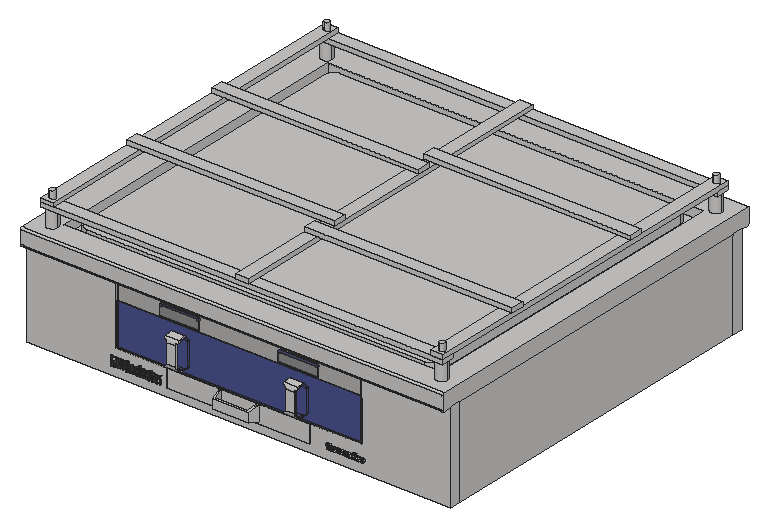
Revit family "QF_ELECTROLUXPROFESSIONAL_589871_MCLCACJODM", category Specialty Equipment, Revit 2014 (continued)
Definition of nested family "QF_ELECTROLUXPROFESSIONAL_MARINE1000x900_1"
  Dimensions and locks
    equal spacing: plane 5 "FRONT", plane 8, plane 1 "BACK"
    plane 6 "TOP" to level = 900 mm  (x2)
    plane 9 to level = 200 mm
    plane 1 "BACK" to plane 10 to plane 11 "Panel" = 150 mm, 705 mm  (x2)
    plane 6 "TOP" to plane 9 to level = 700 mm, 200 mm
    plane 1 "BACK" to plane 5 "FRONT" = 900 mm
    plane 12 to plane 9 = 598 mm
    plane 13 to plane 6 "TOP" = 75 mm
    plane 6 "TOP" to plane 12 = 102 mm
    plane 14 to plane 3 "LEFT" = 78 mm
    plane 15 to plane 4 "RIGHT" = 78 mm
    locked: plane 1 "BACK" to plane 16 at 150
    locked: plane 16 to plane 17 at 500
    plane 11 "Panel" to plane 5 "FRONT" = 45 mm
    plane 18 "EIx" to plane 4 "RIGHT" = 45 mm
    plane 19 "EIy" to plane 1 "BACK" = 685 mm
    locked: plane 11 "Panel" to plane 20 at 25
    aligned and locked: level to plane 2
  Automatic sketch dimensions
    plane 1 "BACK" to curve 1 = 0 mm
    curve 1 to plane 4 "RIGHT" = 0 mm
    curve 3 to plane 3 "LEFT" = 0 mm
    plane 5 "FRONT" to curve 3 = 0 mm
    Extrusion 1 sketch curve to plane 11 "Panel" = 0 mm  (x2)
    Extrusion 1 sketch curve to plane 20 = 10 mm
    plane 11 "Panel" to Extrusion 1 sketch curve = 15 mm
    Extrusion 1 sketch curve to plane 18 "EIx" = 20 mm  (x2)
    plane 1 "BACK" to Extrusion 1 sketch curve = 60 mm
    Extrusion 1 sketch curve to Extrusion 1 sketch curve = 15 mm  (x5)
    Extrusion 1 sketch curve to plane 18 "EIx" = 5 mm  (x2)
    plane 14 to Extrusion 1 sketch curve = 38 mm  (x2)
    Extrusion 2 sketch curve to plane 11 "Panel" = 0 mm  (x2)
    Extrusion 2 sketch curve to plane 20 = 10 mm  (x3)
    Extrusion 2 sketch curve to plane 18 "EIx" = 5 mm  (x2)
    plane 1 "BACK" to Extrusion 2 sketch curve = 45 mm  (x2)
    plane 1 "BACK" to Extrusion 2 sketch curve = 30 mm
    Extrusion 2 sketch curve to Extrusion 2 sketch curve = 15 mm  (x5)
    Extrusion 2 sketch curve to plane 18 "EIx" = 20 mm
    plane 18 "EIx" to Extrusion 2 sketch curve = 10 mm
    plane 7 "Center (Left/Right)" to Extrusion 2 sketch curve = 15 mm
    Extrusion 2 sketch curve to plane 7 "Center (Left/Right)" = 15 mm
    plane 14 to Extrusion 2 sketch curve = 23 mm
    plane 17 to Extrusion 3 sketch curve = 16 mm
    Extrusion 3 sketch curve to plane 17 = 14 mm
    Extrusion 3 sketch curve to plane 17 = 34 mm
    Extrusion 3 sketch curve to Extrusion 3 sketch curve = 30 mm  (x3)
    plane 3 "LEFT" to Extrusion 3 sketch curve = 25 mm  (x2)
    plane 8 to Extrusion 3 sketch curve = 84 mm
    Extrusion 3 sketch curve to plane 7 "Center (Left/Right)" = 15 mm  (x2)
    Extrusion 3 sketch curve to Extrusion 3 sketch curve = 20 mm
    plane 7 "Center (Left/Right)" to Extrusion 3 sketch curve = 15 mm  (x2)
    Extrusion 3 sketch curve to plane 18 "EIx" = 20 mm  (x2)
    Extrusion 4 sketch curve to plane 11 "Panel" = 0 mm  (x2)
    Extrusion 4 sketch curve to plane 18 "EIx" = 5 mm  (x2)
    plane 14 to Extrusion 4 sketch curve = 38 mm  (x2)
    plane 1 "BACK" to Extrusion 4 sketch curve = 45 mm  (x2)
    Extrusion 5 sketch curve to plane 11 "Panel" = 0 mm  (x2)
    Extrusion 5 sketch curve to plane 18 "EIx" = 5 mm  (x2)
    plane 1 "BACK" to Extrusion 5 sketch curve = 45 mm  (x2)
    plane 14 to Extrusion 5 sketch curve = 38 mm  (x2)
    curve 11 to plane 18 "EIx" = 20 mm
    plane 18 "EIx" to curve 9 = 10 mm
    plane 18 "EIx" to curve 35 = 10 mm
    curve 28 to plane 20 = 10 mm
    plane 14 to curve 28 = 23 mm
    plane 14 to curve 27 = 23 mm
    plane 3 "LEFT" to curve 7 = 25 mm
    plane 1 "BACK" to curve 27 = 30 mm
    plane 18 "EIx" to curve 36 = 10 mm
    plane 7 "Center (Left/Right)" to curve 23 = 15 mm
    plane 7 "Center (Left/Right)" to curve 26 = 15 mm
    curve 18 to plane 7 "Center (Left/Right)" = 15 mm
    curve 19 to plane 7 "Center (Left/Right)" = 15 mm
    curve 24 to plane 7 "Center (Left/Right)" = 15 mm
    plane 14 to curve 33 = 23 mm
    plane 8 to curve 8 = 114 mm
    curve 13 to curve 14 = 30 mm
    curve 33 to plane 17 = 64 mm
    curve 19 to plane 17 = 14 mm
    plane 11 "Panel" to curve 30 = 15 mm
    plane 11 "Panel" to curve 29 = 15 mm
    curve 12 to plane 10 = 136 mm
    curve 31 to curve 32 = 0 mm
    curve 22 to curve 19 = 20 mm
    plane 7 "Center (Left/Right)" to curve 21 = 15 mm
    plane 17 to curve 21 = 16 mm
    curve 23 to curve 13 = 20 mm
    curve 9 to curve 32 = 30 mm
    radius of Extrusion 1 sketch curve = 6.5 mm  (x4)
    radius of Extrusion 2 sketch curve = 6.5 mm  (x4)
    radius of Extrusion 4 sketch curve = 13 mm  (x4)
    radius of Extrusion 5 sketch curve = 6.5 mm  (x4)
Definition of nested family "Front_Panel_W1000_2 Knobs"
  Reference planes
    plane 1 "Center (Front/Back)": y = 0
    plane 2: z = 0
    plane 3 "Center (Left/Right)": x = 297.624
    plane 4 "Left": x = -202.376
    plane 5 "Right": x = 797.624
    plane 6: y = -45
    plane 7: x = 157.624
    plane 8: y = -25
    plane 9: x = -2.376
    plane 10: x = 437.624
    plane 11: x = 594.715
  Forms (mm)
    Extrusion 1, solid, material "QF_Finishes_Stainless Steel"
      sketch origin (833.217, 829.203, -1.25) x (0, 1, 0) y (0, 0, 1)
        loop
          line (-854.203, 651.25) -> (-829.203, 651.25) -> (-829.203, 864.25) -> (-854.203, 864.25) -> (-854.203, 651.25)
      from -1035.593 to -35.593
    Extrusion 2, void
      sketch origin (0, 0, 0) x (1, 0, 0) y (0, 0, 1)
        loop
          line (7.624, 853.866) -> (7.624, 711.866) -> (587.624, 711.866) -> (587.624, 853.866) -> (7.624, 853.866)
      from 19.387 to 33.951
  Cuts and joins
    Extrusion 2 cuts Extrusion 1
  Dimensions and locks
    equal spacing: plane 5 "Right", plane 3 "Center (Left/Right)", plane 4 "Left"
    plane 5 "Right" to plane 4 "Left" = 1000 mm
    plane 3 "Center (Left/Right)" to plane 7 = 140 mm
    plane 10 to plane 3 "Center (Left/Right)" = 140 mm
    aligned and locked: cut or joined group of Extrusion 1, Extrusion 2 to plane 4 "Left"
    aligned and locked: plane 5 "Right" to cut or joined group of Extrusion 1, Extrusion 2
    aligned and locked: plane 3 "Center (Left/Right)" to nested 2
    aligned and locked: cut or joined group of Extrusion 1, Extrusion 2 to nested 2
  Automatic sketch dimensions
    Extrusion 1 sketch curve to plane 1 "Center (Front/Back)" = 0 mm
    level to Extrusion 1 sketch curve = 650 mm
    plane 4 "Left" to Extrusion 2 sketch curve = 210 mm
    Extrusion 2 sketch curve to plane 5 "Right" = 210 mm
    level to Extrusion 2 sketch curve = 711.866 mm
    Extrusion 2 sketch curve to Extrusion 2 sketch curve = 142 mm
    Extrusion 1 sketch curve to plane 6 = 20 mm
    Extrusion 1 sketch curve to Extrusion 1 sketch curve = 213 mm
  Nested families
    nested 1: "Range Control Handle" at (157.624, -28.137, -209.113) x (-1, 0, 0) z (0, 0, 1), type "Range Control Handle"
    nested 2: "Front glass control panel W1000_2 Knobs" at (297.624, 280.644, 2.752), type "Front glass control panel W1000_2 Knobs"
    nested 3: "Range Control Handle" at (437.624, -28.137, -209.113), type "Range Control Handle"
    nested 4: "ELX_ThermaLine_Small" at (546.122, -25, 679.426) x (1, 0, 0) z (0, -1, 0), type "ELX_ThermaLine_Small"
      with Show Logo yes, Material_Logo QF_Finishes_Black
    nested 5: "ELX_Professional_Logo_Small" at (57.11, -25, 681.659) x (1, 0, 0) z (0, -1, 0), type "ELX_Professional_Logo_Small"
      with Show Logo yes, Material_Logo QF_Finishes_Black
  Definition of nested family "Range Control Handle"
    Reference planes
      plane 1 "Center (Front/Back)": y = 0
      plane 2: z = 0
      plane 3 "Center (Left/Right)": x = 0
      plane 4: z = 971.092
      plane 5: y = -16.9
    Forms (mm)
      Extrusion 1, solid, material "QF_Finishes_Electrolux Cyan"
        sketch origin (-746.28, 380.497, 208.931) x (-1, 0, 0) y (0, 0, 1)
          loop
            line (-770.101, 786.798) -> (-770.101, 731.649)
            arc (-770.101, 731.649) -> (-769.759, 730.563) -> (-768.855, 729.87) r 1.893
            line (-768.855, 729.87) -> (-763.474, 727.911) -> (-729.81, 727.911) -> (-724.428, 729.87)
            arc (-724.428, 729.87) -> (-723.525, 730.563) -> (-723.183, 731.649) r 1.893
            line (-723.183, 731.649) -> (-723.183, 786.798)
            arc (-723.183, 786.798) -> (-723.529, 787.894) -> (-724.44, 788.593) r 1.91
            line (-724.44, 788.593) -> (-729.683, 790.819) -> (-763.601, 790.819) -> (-768.844, 788.593)
            arc (-768.844, 788.593) -> (-769.755, 787.894) -> (-770.101, 786.798) r 1.91
        from -382.35 to -378.852
      Sweep 2, solid, material "QF_Finishes_Electrolux Cyan"
        path origin (-746.788, 380.496, 208.091) x (0, -1, 0) y (0, 0, 1)
          loop
            line (379.775, 793.281) -> (395.661, 791.048)
            arc (395.661, 791.048) -> (397.781, 787.377) -> (398.517, 783.202) r 12.207
            line (398.517, 783.202) -> (398.517, 737.368)
            arc (398.517, 737.368) -> (397.781, 733.193) -> (395.661, 729.522) r 12.207
            line (395.661, 729.522) -> (379.775, 727.289)
        profile origin (-746.788, -7.222, 1000.256) x (0, -0.139173, 0.990268) y (-1, 0, 0)
          loop
            line (0.782, -763.123) -> (0.782, -730.907) -> (-1.322, -730.907) -> (-1.322, -763.123) -> (0.782, -763.123)
      Sweep 3, solid, material "QF_Finishes_Stainless Steel"
        path origin (-746.788, 380.715, 207.832) x (0, -1, 0) y (0, 0, 1)
          loop
            line (380.478, 795.442) -> (397.218, 793.09)
            arc (397.218, 793.09) -> (399.929, 788.473) -> (400.871, 783.202) r 15.207
            line (400.871, 783.202) -> (400.871, 737.584)
            arc (400.871, 737.584) -> (399.914, 732.274) -> (397.164, 727.633) r 15.207
            line (397.164, 727.633) -> (380.601, 725.305)
        profile origin (-746.788, -8.132, 1002.099) x (0, -0.139173, 0.990268) y (-1, 0, 0)
          loop
            line (0.782, -763.123) -> (0.782, -730.907) -> (-1.322, -730.907) -> (-1.322, -763.123) -> (0.782, -763.123)
      Extrusion 4, void
        sketch origin (889.253, 220.666, 207.993) x (1, 0, 0) y (0, 0, 1)
          loop
            line (-943.038, 816.854) -> (-943.038, 703.686) -> (-899.466, 734.196) -> (-899.466, 786.344) -> (-943.038, 816.854)
        from 230.636 to 242.25
      Extrusion 5, void
        sketch origin (-888.8, 220.666, 207.993) x (-1, 0, 0) y (0, 0, -1)
          loop
            line (-943.038, -816.854) -> (-899.466, -786.344) -> (-899.466, -734.196) -> (-943.038, -703.686) -> (-943.038, -816.854)
        from 230.636 to 242.25
      Extrusion 6, solid, material "QF_Finishes_Electrolux Cyan"
        sketch origin (0, 0, 0) x (1, 0, 0) y (0, 0, 1)
          loop
            circle (0, 971.092) r 7.736
        from -3.137 to -1.645
    Cuts and joins
      Extrusion 4, Extrusion 5 cuts Sweep 3
      Extrusion 4, Extrusion 5 cuts Sweep 2
      joined: Extrusion 1, Extrusion 6
    Lines and regions (mm)
      symbolic lines
        curve 1: line (16.334, -16.9, 0) -> (16.334, -19.227, 0)
        curve 2: spline (16.334, -19.227, 0) -> (15.87, -19.385, 0) -> (15.404, -19.536, 0) -> (14.936, -19.678, 0) -> (14.466, -19.813, 0) -> (13.995, -19.94, 0) -> (13.523, -20.059, 0) -> (13.049, -20.171, 0) -> (12.575, -20.274, 0) -> (12.099, -20.37, 0) -> (11.622, -20.458, 0) -> (11.144, -20.537, 0) -> (10.666, -20.609, 0)
        curve 3: line (10.666, -16.9, 0) -> (10.666, -20.938, 0)
        curve 4: line (-10.213, -20.938, 0) -> (10.666, -20.938, 0)
        curve 5: line (-10.213, -20.938, 0) -> (-10.213, -16.9, 0)
        curve 6: spline (-10.213, -20.609, 0) -> (-10.691, -20.537, 0) -> (-11.169, -20.458, 0) -> (-11.646, -20.37, 0) -> (-12.122, -20.274, 0) -> (-12.597, -20.171, 0) -> (-13.07, -20.059, 0) -> (-13.542, -19.94, 0) -> (-14.013, -19.813, 0) -> (-14.483, -19.678, 0) -> (-14.951, -19.536, 0) -> (-15.417, -19.385, 0) -> (-15.881, -19.227, 0)
        curve 7: line (-15.881, -19.227, 0) -> (-15.881, -16.9, 0)
  Definition of nested family "Front glass control panel W1000_2 Knobs"
    Reference planes
      plane 1 "Center (Front/Back)": y = 0
      plane 2: z = 0
      plane 3 "Center (Left/Right)": x = 0
      plane 4: x = -140
      plane 5: x = 140
    Forms (mm)
      Extrusion 1, solid, material "QF_Finishes_Electrolux Cyan"
        sketch origin (378.286, 0, 0.617) x (1, 0, 0) y (0, 0, 1)
          loop
            line (-668.286, 806.791) -> (-668.286, 708.497) -> (-88.286, 708.497) -> (-88.286, 806.791) -> (-668.286, 806.791)
        from 300.031 to 304.8
      Extrusion 2, solid, material "QF_Finishes_Electrolux_Black"
        sketch origin (378.286, 0, 0.617) x (1, 0, 0) y (0, 0, 1)
          loop
            line (-668.286, 850.497) -> (-668.286, 806.791) -> (-88.286, 806.791) -> (-88.286, 850.497) -> (-668.286, 850.497)
        from 300.031 to 304.8
      Extrusion 3, void
        sketch origin (378.286, 0, 0.617) x (1, 0, 0) y (0, 0, 1)
          loop
            line (-665.628, 847.565) -> (-665.628, 710.699) -> (-91.196, 710.699) -> (-91.196, 847.565) -> (-665.628, 847.565)
        from 303.697 to 304.8
      Extrusion 4, solid, material "QF_Finishes_Electrolux_Black Smoke Iluminated"
        sketch origin (-448.309, 1.101, -0.633) x (-1, 0, 0) y (0, 0, -1)
          loop
            line (-261.431, -812.62) -> (-355.186, -812.62) -> (-355.186, -834.177) -> (-350.269, -834.177) -> (-348.469, -835.977) -> (-268.039, -835.977) -> (-266.24, -834.177) -> (-261.431, -834.177) -> (-261.431, -812.62)
        from 304.798 to 306.745
      Extrusion 5, solid, material "QF_Finishes_Electrolux_Royal Blue Illuminated"
        sketch origin (-448.309, 1.101, -0.633) x (-1, 0, 0) y (0, 0, -1)
          loop
            line (-350.269, -834.177) -> (-355.078, -834.177)
            arc (-355.078, -834.177) -> (-353.942, -838.747) -> (-349.686, -840.763) r 5.5
            line (-349.686, -840.763) -> (-266.98, -840.763)
            arc (-266.98, -840.763) -> (-262.706, -838.752) -> (-261.529, -834.177) r 5.549
            line (-261.529, -834.177) -> (-266.24, -834.177) -> (-268.039, -835.977) -> (-348.469, -835.977) -> (-350.269, -834.177)
        from 304.798 to 306.745
      Extrusion 6, solid, material "QF_Finishes_Electrolux_Black Smoke Iluminated"
        sketch origin (448.333, 1.101, -0.633) x (1, 0, 0) y (0, 0, 1)
          loop
            line (-261.431, 812.62) -> (-261.431, 834.177) -> (-266.24, 834.177) -> (-268.039, 835.977) -> (-348.469, 835.977) -> (-350.269, 834.177) -> (-355.186, 834.177) -> (-355.186, 812.62) -> (-261.431, 812.62)
        from 304.798 to 306.745
      Extrusion 7, solid, material "QF_Finishes_Electrolux_Royal Blue Illuminated"
        sketch origin (448.333, 1.101, -0.633) x (1, 0, 0) y (0, 0, 1)
          loop
            line (-350.269, 834.177) -> (-348.469, 835.977) -> (-268.039, 835.977) -> (-266.24, 834.177) -> (-261.529, 834.177)
            arc (-261.529, 834.177) -> (-262.706, 838.752) -> (-266.98, 840.763) r 5.549
            line (-266.98, 840.763) -> (-349.686, 840.763)
            arc (-349.686, 840.763) -> (-353.942, 838.747) -> (-355.078, 834.177) r 5.5
            line (-355.078, 834.177) -> (-350.269, 834.177)
        from 304.798 to 306.745
    Cuts and joins
      Extrusion 3 cuts Extrusion 1
      Extrusion 3 cuts Extrusion 2
    Dimensions and locks
      plane 3 "Center (Left/Right)" to plane 4 = 140 mm
      plane 5 to plane 3 "Center (Left/Right)" = 140 mm
      aligned and locked: Extrusion 1 to Extrusion 2
      aligned and locked: Extrusion 5 sketch curve to Extrusion 4  (x5)
      aligned and locked: Extrusion 5 to Extrusion 4
      aligned and locked: Extrusion 7 sketch curve to Extrusion 6  (x4)
      aligned and locked: Extrusion 6 to Extrusion 7 sketch curve
      aligned and locked: Extrusion 7 to Extrusion 6
  Definition of nested family "ELX_ThermaLine_Small"
    Parameters (values of type "ELX_ThermaLine_Small")
      Show Logo [instance] = yes
      Material_Logo [instance] = QF_Finishes_Black
      Default Elevation = 0 mm
    Reference planes
      plane 1 "Centro (Fronte/Retro)": y = 0
      plane 2: z = 0
      plane 3 "Centro (Sinistra/Destra)": x = 0
    Forms (mm)
      Extrusion 1, solid
        sketch origin (0, 0, 0) x (1, 0, 0) y (0, 1, 0)
          loop
            line (-1219.2, 1219.2) -> (-1219.2, -1219.2) -> (1219.2, -1219.2) -> (1219.2, 1219.2) -> (-1219.2, 1219.2)
        from 0 to -304.8
      Extrusion 2, solid, material "QF_Finishes_White"
        sketch origin (0, 0, 0) x (1, 0, 0) y (0, 1, 0)
          loop
            line (-37.494, 1.229) -> (-35.908, 1.229) -> (-35.908, 3.066) -> (-37.494, 3.066) -> (-37.494, 6.221) -> (-39.867, 4.881) -> (-39.867, 3.066) -> (-40.969, 3.066) -> (-40.969, 1.229) -> (-39.867, 1.229) -> (-39.867, -3.407)
            arc (-39.867, -3.407) -> (-38.982, -5.513) -> (-36.751, -6.001) r 2.478
            line (-36.751, -6.001) -> (-35.638, -5.7) -> (-35.9, -3.835) -> (-36.661, -4.039)
            arc (-36.661, -4.039) -> (-37.236, -3.924) -> (-37.494, -3.399) r 0.662
            line (-37.494, -3.399) -> (-37.494, 1.229)
          loop
            line (-34.242, 6.539) -> (-34.242, -5.848) -> (-31.854, -5.848) -> (-31.854, -0.078)
            arc (-31.854, -0.078) -> (-30.939, 1.249) -> (-29.33, 1.367) r 1.866
            arc (-29.33, 1.367) -> (-28.695, 0.768) -> (-28.461, -0.073) r 1.627
            line (-28.461, -0.073) -> (-28.461, -5.848) -> (-26.086, -5.848) -> (-26.064, -0.46)
            arc (-26.064, -0.46) -> (-26.261, 0.932) -> (-26.786, 2.237) r 5.825
            arc (-26.786, 2.237) -> (-29.381, 3.264) -> (-31.854, 1.971) r 3.353
            line (-31.854, 1.971) -> (-31.854, 6.539) -> (-34.242, 6.539)
          loop
            arc (-18.398, -0.598) -> (-18.893, 0.879) -> (-20.326, 1.487) r 1.897
            arc (-20.326, 1.487) -> (-21.461, 0.708) -> (-21.897, -0.598) r 2.164
            line (-21.897, -0.598) -> (-18.398, -0.598)
          loop
            arc (-16.021, -2.044) -> (-16.754, 1.227) -> (-19.444, 3.226) r 4.814
            arc (-19.444, 3.226) -> (-22.137, 2.788) -> (-23.943, 0.743) r 4.054
            arc (-23.943, 0.743) -> (-24.382, -1.249) -> (-24.162, -3.276) r 6.289
            arc (-24.162, -3.276) -> (-23.302, -4.71) -> (-21.958, -5.705) r 4.28
            arc (-21.958, -5.705) -> (-18.558, -5.814) -> (-16.152, -3.409) r 4.28
            line (-16.152, -3.409) -> (-18.5, -2.995)
            arc (-18.5, -2.995) -> (-19.273, -3.994) -> (-20.533, -4.076) r 1.536
            arc (-20.533, -4.076) -> (-21.56, -3.281) -> (-21.958, -2.044) r 2.197
            line (-21.958, -2.044) -> (-16.021, -2.044)
          loop
            line (-14.165, -5.848) -> (-11.819, -5.848) -> (-11.819, -2.138)
            arc (-11.819, -2.138) -> (-11.787, -1.156) -> (-11.637, -0.185) r 8.18
            arc (-11.637, -0.185) -> (-10.644, 0.972) -> (-9.132, 0.776) r 1.603
            line (-9.132, 0.776) -> (-8.419, 2.846)
            arc (-8.419, 2.846) -> (-10.432, 3.118) -> (-11.994, 1.821) r 2.527
            line (-11.994, 1.821) -> (-11.994, 3.094) -> (-14.165, 3.094) -> (-14.165, -5.848)
          loop
            line (-7.579, 3.094) -> (-7.579, -5.848) -> (-5.178, -5.848) -> (-5.178, -0.756)
            arc (-5.178, -0.756) -> (-4.727, 0.679) -> (-3.417, 1.419) r 2.05
            arc (-3.417, 1.419) -> (-2.499, 0.908) -> (-2.155, -0.085) r 1.471
            line (-2.155, -0.085) -> (-2.155, -5.848) -> (0.23, -5.848) -> (0.23, -1.001)
            arc (0.23, -1.001) -> (0.47, 0.127) -> (1.148, 1.061) r 2.775
            arc (1.148, 1.061) -> (2.225, 1.329) -> (3.05, 0.587) r 1.182
            arc (3.05, 0.587) -> (3.199, -0.019) -> (3.214, -0.642) r 2.894
            line (3.214, -0.642) -> (3.214, -5.848) -> (5.601, -5.848) -> (5.601, 0.261)
            arc (5.601, 0.261) -> (4.87, 2.263) -> (2.976, 3.241) r 2.932
            arc (2.976, 3.241) -> (1.284, 2.973) -> (-0.047, 1.896) r 3.309
            arc (-0.047, 1.896) -> (-1.116, 2.865) -> (-2.506, 3.258) r 3.16
            arc (-2.506, 3.258) -> (-4.105, 2.942) -> (-5.376, 1.92) r 3.419
            line (-5.376, 1.92) -> (-5.376, 3.094) -> (-7.579, 3.094)
          loop
            line (7.583, 0.738) -> (9.702, 0.364)
            arc (9.702, 0.364) -> (11.441, 1.492) -> (12.855, -0.023) r 1.613
            line (12.855, -0.023) -> (9.782, -0.789)
            arc (9.782, -0.789) -> (8.559, -1.346) -> (7.617, -2.305) r 3.687
            arc (7.617, -2.305) -> (7.499, -3.681) -> (7.901, -5.003) r 3.651
            arc (7.901, -5.003) -> (9.107, -5.766) -> (10.515, -6.006) r 3.635
            arc (10.515, -6.006) -> (11.898, -5.697) -> (13.067, -4.895) r 3.734
            line (13.067, -4.895) -> (13.376, -5.848) -> (15.75, -5.848) -> (15.212, -4.193) -> (15.212, 0.38)
            arc (15.212, 0.38) -> (14.897, 1.849) -> (13.818, 2.895) r 2.585
            arc (13.818, 2.895) -> (11.792, 3.442) -> (9.719, 3.11) r 5.005
            arc (9.719, 3.11) -> (8.369, 2.178) -> (7.583, 0.738) r 3.54
          loop
            line (19.723, -5.848) -> (22.233, -5.848) -> (24.854, 6.484) -> (22.345, 6.484) -> (19.723, -5.848)
          loop
            line (24.583, -5.848) -> (26.953, -5.848) -> (28.848, 3.066) -> (26.478, 3.066) -> (24.583, -5.848)
          loop
            line (27.204, 6.484) -> (26.741, 4.305) -> (29.111, 4.305) -> (29.575, 6.484) -> (27.204, 6.484)
          loop
            line (29.355, -5.848) -> (31.849, -5.848) -> (33.098, 0.028)
            arc (33.098, 0.028) -> (34.169, 1.306) -> (35.832, 1.422) r 2.132
            arc (35.832, 1.422) -> (36.324, 0.752) -> (36.383, -0.078) r 1.5
            line (36.383, -0.078) -> (35.157, -5.848) -> (37.536, -5.848) -> (38.936, 0.738)
            arc (38.936, 0.738) -> (38.775, 2.091) -> (37.825, 3.066) r 2.118
            arc (37.825, 3.066) -> (35.392, 3.175) -> (33.295, 1.937) r 4.271
            line (33.295, 1.937) -> (33.535, 3.066) -> (31.25, 3.066) -> (29.355, -5.848)
          loop
            line (42.792, -0.64) -> (46.589, -0.64)
            arc (46.589, -0.64) -> (46.639, 0.124) -> (46.327, 0.823) r 1.589
            arc (46.327, 0.823) -> (45.117, 1.521) -> (43.762, 1.183) r 1.865
            arc (43.762, 1.183) -> (43.141, 0.344) -> (42.792, -0.64) r 3.538
          loop
            line (42.565, -2.138) -> (48.593, -2.138)
            arc (48.593, -2.138) -> (48.58, 0.597) -> (46.983, 2.818) r 4.494
            arc (46.983, 2.818) -> (44.191, 3.28) -> (41.725, 1.891) r 4.26
            arc (41.725, 1.891) -> (40.503, -0.3) -> (40.284, -2.799) r 6.003
            arc (40.284, -2.799) -> (40.959, -4.468) -> (42.377, -5.576) r 3.482
            arc (42.377, -5.576) -> (44.265, -5.961) -> (46.152, -5.576) r 4.823
            arc (46.152, -5.576) -> (47.432, -4.731) -> (48.328, -3.485) r 4.245
            line (48.328, -3.485) -> (46.168, -3.105)
            arc (46.168, -3.105) -> (45.214, -4.072) -> (43.859, -4.181) r 1.953
            arc (43.859, -4.181) -> (42.821, -3.408) -> (42.565, -2.138) r 1.81
          loop
            line (12.868, -1.553) -> (10.216, -2.214)
            arc (10.216, -2.214) -> (9.747, -3.136) -> (10.216, -4.058) r 1.14
            arc (10.216, -4.058) -> (11.537, -4.249) -> (12.614, -3.46) r 1.763
            arc (12.614, -3.46) -> (12.858, -2.522) -> (12.868, -1.553) r 3.97
        from 0 to 1.6
    Dimensions and locks
      aligned and locked: plane 2 to Extrusion 1
      aligned and locked: level to Extrusion 1
  Definition of nested family "ELX_Professional_Logo_Small"
    Parameters (values of type "ELX_Professional_Logo_Small")
      Show Logo [instance] = yes
      Material_Logo [instance] = QF_Finishes_Black
      Default Elevation = 0 mm
    Reference planes
      plane 1 "Centro (Fronte/Retro)": y = 0
      plane 2: z = 0
      plane 3 "Centro (Sinistra/Destra)": x = 0
    Forms (mm)
      Extrusion 1, solid
        sketch origin (0, 0, 0) x (1, 0, 0) y (0, 1, 0)
          loop
            line (-1219.2, 1219.2) -> (-1219.2, -1219.2) -> (1219.2, -1219.2) -> (1219.2, 1219.2) -> (-1219.2, 1219.2)
        from 0 to -304.8
      Extrusion 2, solid, material "QF_Finishes_Black" <- "Material_Logo"
        sketch origin (15.5, 0, 0) x (1, 0, 0) y (0, 1, 0)
          loop
            spline (-42.99, -1.24) -> (-43.195, -1.231) -> (-43.415, -1.203) -> (-43.642, -1.152) -> (-43.87, -1.074) -> (-44.095, -0.966) -> (-44.309, -0.825) -> (-44.506, -0.647) -> (-44.681, -0.429) -> (-44.828, -0.167) -> (-44.94, 0.142) -> (-45.011, 0.501) -> (-45.037, 0.915)
            line (-45.037, 0.915) -> (-45.037, 2.748) -> (-38.984, 2.748) -> (-38.984, 5.086) -> (-45.038, 5.086) -> (-45.038, 8.489) -> (-38.599, 8.489) -> (-38.599, 10.82) -> (-47.515, 10.82) -> (-47.515, 1.021)
            spline (-47.515, 1.021) -> (-47.493, 0.418) -> (-47.425, -0.15) -> (-47.311, -0.682) -> (-47.15, -1.175) -> (-46.939, -1.628) -> (-46.678, -2.038) -> (-46.365, -2.404) -> (-46, -2.723) -> (-45.58, -2.995) -> (-45.105, -3.216) -> (-44.573, -3.385) -> (-43.983, -3.499)
            line (-43.983, -3.499) -> (-43.01, -3.569) -> (-38.426, -3.569) -> (-38.426, -1.24) -> (-42.99, -1.24)
          loop
            line (-36.666, 4.021) -> (-36.666, -3.573) -> (-34.188, -3.573) -> (-34.188, 10.824) -> (-36.666, 10.824) -> (-36.666, 4.021)
          loop
            spline (-21.915, 1.897) -> (-21.957, 2.615) -> (-22.082, 3.303) -> (-22.285, 3.955) -> (-22.563, 4.564) -> (-22.913, 5.124) -> (-23.331, 5.629) -> (-23.814, 6.074) -> (-24.359, 6.451) -> (-24.961, 6.755) -> (-25.618, 6.98) -> (-26.326, 7.119) -> (-27.081, 7.167)
            spline (-27.081, 7.167) -> (-27.853, 7.122) -> (-28.586, 6.99) -> (-29.275, 6.774) -> (-29.915, 6.478) -> (-30.5, 6.104) -> (-31.024, 5.657) -> (-31.483, 5.138) -> (-31.871, 4.553) -> (-32.182, 3.904) -> (-32.411, 3.194) -> (-32.552, 2.427) -> (-32.6, 1.606)
            spline (-32.6, 1.606) -> (-32.553, 0.805) -> (-32.416, 0.057) -> (-32.193, -0.637) -> (-31.887, -1.271) -> (-31.504, -1.843) -> (-31.048, -2.35) -> (-30.523, -2.788) -> (-29.934, -3.154) -> (-29.284, -3.444) -> (-28.579, -3.656) -> (-27.822, -3.785) -> (-27.019, -3.829)
            spline (-27.019, -3.829) -> (-26.627, -3.82) -> (-26.239, -3.79) -> (-25.856, -3.739) -> (-25.477, -3.663) -> (-25.103, -3.562) -> (-24.734, -3.432) -> (-24.369, -3.273) -> (-24.01, -3.082) -> (-23.655, -2.858) -> (-23.305, -2.597) -> (-22.96, -2.299) -> (-22.621, -1.962)
            line (-22.621, -1.962) -> (-24.114, -0.509)
            spline (-24.114, -0.509) -> (-24.311, -0.699) -> (-24.509, -0.872) -> (-24.71, -1.03) -> (-24.915, -1.172) -> (-25.126, -1.297) -> (-25.346, -1.407) -> (-25.576, -1.5) -> (-25.817, -1.576) -> (-26.072, -1.636) -> (-26.342, -1.678) -> (-26.629, -1.704) -> (-26.936, -1.713)
            spline (-26.936, -1.713) -> (-27.384, -1.691) -> (-27.805, -1.625) -> (-28.196, -1.518) -> (-28.556, -1.372) -> (-28.882, -1.187) -> (-29.174, -0.966) -> (-29.429, -0.71) -> (-29.645, -0.422) -> (-29.821, -0.102) -> (-29.955, 0.247) -> (-30.045, 0.623) -> (-30.089, 1.026)
            line (-30.089, 1.026) -> (-21.956, 1.026) -> (-21.915, 1.897)
          loop
            spline (-24.446, 2.769) -> (-24.47, 3.075) -> (-24.54, 3.37) -> (-24.654, 3.65) -> (-24.807, 3.913) -> (-24.996, 4.156) -> (-25.219, 4.376) -> (-25.472, 4.57) -> (-25.753, 4.736) -> (-26.057, 4.869) -> (-26.382, 4.968) -> (-26.724, 5.03) -> (-27.081, 5.051)
            spline (-27.081, 5.051) -> (-27.464, 5.03) -> (-27.832, 4.97) -> (-28.183, 4.872) -> (-28.513, 4.74) -> (-28.819, 4.577) -> (-29.099, 4.384) -> (-29.347, 4.165) -> (-29.563, 3.923) -> (-29.742, 3.659) -> (-29.881, 3.377) -> (-29.977, 3.079) -> (-30.027, 2.769)
            line (-30.027, 2.769) -> (-24.446, 2.769)
          loop
            spline (-18.167, 1.669) -> (-18.138, 2.13) -> (-18.055, 2.567) -> (-17.921, 2.978) -> (-17.739, 3.358) -> (-17.512, 3.705) -> (-17.243, 4.016) -> (-16.937, 4.287) -> (-16.596, 4.517) -> (-16.223, 4.7) -> (-15.823, 4.835) -> (-15.398, 4.919) -> (-14.951, 4.947)
            spline (-14.951, 4.947) -> (-14.677, 4.938) -> (-14.414, 4.913) -> (-14.162, 4.871) -> (-13.921, 4.812) -> (-13.69, 4.738) -> (-13.467, 4.649) -> (-13.254, 4.544) -> (-13.048, 4.424) -> (-12.85, 4.291) -> (-12.659, 4.143) -> (-12.474, 3.981) -> (-12.295, 3.806)
            line (-12.295, 3.806) -> (-10.76, 5.403)
            spline (-10.76, 5.403) -> (-11.065, 5.709) -> (-11.38, 5.984) -> (-11.703, 6.228) -> (-12.035, 6.443) -> (-12.375, 6.63) -> (-12.723, 6.788) -> (-13.078, 6.92) -> (-13.44, 7.026) -> (-13.809, 7.107) -> (-14.184, 7.164) -> (-14.564, 7.198) -> (-14.951, 7.209)
            spline (-14.951, 7.209) -> (-15.725, 7.161) -> (-16.467, 7.02) -> (-17.169, 6.792) -> (-17.826, 6.482) -> (-18.43, 6.096) -> (-18.976, 5.637) -> (-19.455, 5.112) -> (-19.862, 4.525) -> (-20.19, 3.882) -> (-20.433, 3.189) -> (-20.584, 2.449) -> (-20.635, 1.669)
            spline (-20.635, 1.669) -> (-20.584, 0.889) -> (-20.433, 0.149) -> (-20.19, -0.545) -> (-19.862, -1.187) -> (-19.455, -1.774) -> (-18.976, -2.299) -> (-18.43, -2.758) -> (-17.826, -3.145) -> (-17.169, -3.454) -> (-16.467, -3.682) -> (-15.725, -3.823) -> (-14.951, -3.871)
            spline (-14.951, -3.871) -> (-14.564, -3.86) -> (-14.184, -3.826) -> (-13.809, -3.77) -> (-13.44, -3.689) -> (-13.078, -3.583) -> (-12.723, -3.451) -> (-12.375, -3.292) -> (-12.035, -3.105) -> (-11.703, -2.89) -> (-11.38, -2.646) -> (-11.065, -2.371) -> (-10.76, -2.066)
            line (-10.76, -2.066) -> (-12.295, -0.468)
            spline (-12.295, -0.468) -> (-12.474, -0.643) -> (-12.659, -0.805) -> (-12.85, -0.953) -> (-13.048, -1.087) -> (-13.254, -1.206) -> (-13.467, -1.311) -> (-13.69, -1.4) -> (-13.921, -1.475) -> (-14.162, -1.533) -> (-14.414, -1.575) -> (-14.677, -1.6) -> (-14.951, -1.609)
            spline (-14.951, -1.609) -> (-15.398, -1.581) -> (-15.823, -1.497) -> (-16.223, -1.362) -> (-16.596, -1.179) -> (-16.937, -0.95) -> (-17.243, -0.678) -> (-17.512, -0.367) -> (-17.739, -0.02) -> (-17.921, 0.36) -> (-18.055, 0.771) -> (-18.138, 1.208) -> (-18.167, 1.669)
          loop
            spline (-4.441, -1.243) -> (-4.659, -1.247) -> (-4.894, -1.23) -> (-5.137, -1.19) -> (-5.384, -1.121) -> (-5.628, -1.021) -> (-5.864, -0.884) -> (-6.084, -0.708) -> (-6.283, -0.488) -> (-6.454, -0.219) -> (-6.592, 0.101) -> (-6.69, 0.478) -> (-6.742, 0.914)
            line (-6.742, 0.914) -> (-6.742, 4.587) -> (-4.487, 4.587) -> (-4.487, 6.838) -> (-6.738, 6.838) -> (-6.738, 10.824) -> (-9.217, 10.824) -> (-9.217, 0.773)
            spline (-9.217, 0.773) -> (-9.164, 0.19) -> (-9.068, -0.358) -> (-8.928, -0.87) -> (-8.742, -1.343) -> (-8.511, -1.777) -> (-8.232, -2.168) -> (-7.904, -2.515) -> (-7.527, -2.816) -> (-7.098, -3.069) -> (-6.618, -3.273) -> (-6.084, -3.426) -> (-5.496, -3.525)
            line (-5.496, -3.525) -> (-4.45, -3.573) -> (-4.441, -1.243)
          loop
            spline (3.898, 6.983) -> (3.469, 7.009) -> (3.056, 7.001) -> (2.661, 6.961) -> (2.283, 6.888) -> (1.925, 6.785) -> (1.588, 6.652) -> (1.272, 6.49) -> (0.979, 6.301) -> (0.71, 6.085) -> (0.465, 5.844) -> (0.247, 5.578) -> (0.056, 5.289)
            line (0.056, 5.289) -> (0.056, 6.838) -> (-2.402, 6.838) -> (-2.402, -3.572) -> (0.056, -3.572) -> (0.056, 1.901)
            spline (0.056, 1.901) -> (0.079, 2.316) -> (0.145, 2.703) -> (0.254, 3.06) -> (0.404, 3.386) -> (0.592, 3.679) -> (0.818, 3.938) -> (1.08, 4.162) -> (1.375, 4.348) -> (1.703, 4.495) -> (2.062, 4.602) -> (2.45, 4.668) -> (2.865, 4.69)
            line (2.865, 4.69) -> (3.898, 4.586) -> (3.898, 6.983)
          loop
            spline (15.638, 1.633) -> (15.586, 2.396) -> (15.435, 3.124) -> (15.192, 3.81) -> (14.863, 4.449) -> (14.455, 5.034) -> (13.975, 5.56) -> (13.43, 6.021) -> (12.826, 6.411) -> (12.17, 6.724) -> (11.469, 6.955) -> (10.729, 7.098) -> (9.958, 7.147)
            spline (9.958, 7.147) -> (9.182, 7.098) -> (8.44, 6.955) -> (7.737, 6.724) -> (7.081, 6.411) -> (6.477, 6.021) -> (5.933, 5.56) -> (5.454, 5.034) -> (5.048, 4.449) -> (4.721, 3.81) -> (4.479, 3.124) -> (4.329, 2.396) -> (4.277, 1.633)
            spline (4.277, 1.633) -> (4.329, 0.869) -> (4.479, 0.141) -> (4.721, -0.544) -> (5.048, -1.183) -> (5.454, -1.768) -> (5.933, -2.294) -> (6.477, -2.755) -> (7.081, -3.145) -> (7.737, -3.459) -> (8.44, -3.69) -> (9.182, -3.833) -> (9.958, -3.882)
            spline (9.958, -3.882) -> (10.729, -3.833) -> (11.469, -3.69) -> (12.17, -3.459) -> (12.826, -3.145) -> (13.43, -2.755) -> (13.975, -2.294) -> (14.455, -1.768) -> (14.863, -1.183) -> (15.192, -0.544) -> (15.435, 0.141) -> (15.586, 0.869) -> (15.638, 1.633)
          loop
            spline (13.18, 1.633) -> (13.151, 2.083) -> (13.067, 2.513) -> (12.932, 2.918) -> (12.748, 3.296) -> (12.52, 3.642) -> (12.251, 3.954) -> (11.943, 4.227) -> (11.601, 4.459) -> (11.228, 4.645) -> (10.828, 4.782) -> (10.403, 4.867) -> (9.958, 4.896)
            spline (9.958, 4.896) -> (9.509, 4.867) -> (9.081, 4.782) -> (8.679, 4.645) -> (8.306, 4.459) -> (7.964, 4.227) -> (7.658, 3.954) -> (7.39, 3.642) -> (7.163, 3.296) -> (6.981, 2.918) -> (6.847, 2.513) -> (6.765, 2.083) -> (6.736, 1.633)
            spline (6.736, 1.633) -> (6.765, 1.182) -> (6.847, 0.753) -> (6.981, 0.347) -> (7.163, -0.031) -> (7.39, -0.377) -> (7.658, -0.689) -> (7.964, -0.962) -> (8.306, -1.193) -> (8.679, -1.38) -> (9.081, -1.517) -> (9.509, -1.602) -> (9.958, -1.631)
            spline (9.958, -1.631) -> (10.403, -1.602) -> (10.828, -1.517) -> (11.228, -1.38) -> (11.601, -1.193) -> (11.943, -0.962) -> (12.251, -0.689) -> (12.52, -0.377) -> (12.748, -0.031) -> (12.932, 0.347) -> (13.067, 0.753) -> (13.151, 1.182) -> (13.18, 1.633)
          loop
            line (17.162, 4.269) -> (17.162, -3.573) -> (19.642, -3.573) -> (19.642, 10.824) -> (17.162, 10.824) -> (17.162, 4.269)
          loop
            line (28.581, 6.838) -> (28.581, 0.786)
            spline (28.581, 0.786) -> (28.561, 0.393) -> (28.503, 0.038) -> (28.409, -0.279) -> (28.281, -0.559) -> (28.122, -0.802) -> (27.933, -1.011) -> (27.717, -1.185) -> (27.476, -1.325) -> (27.213, -1.433) -> (26.929, -1.509) -> (26.626, -1.554) -> (26.308, -1.569)
            spline (26.308, -1.569) -> (25.99, -1.554) -> (25.688, -1.509) -> (25.404, -1.434) -> (25.141, -1.326) -> (24.9, -1.187) -> (24.684, -1.014) -> (24.496, -0.807) -> (24.336, -0.565) -> (24.209, -0.288) -> (24.115, 0.026) -> (24.057, 0.376) -> (24.037, 0.765)
            line (24.037, 0.765) -> (24.037, 6.838) -> (21.537, 6.838) -> (21.537, 0.558)
            spline (21.537, 0.558) -> (21.581, -0.153) -> (21.71, -0.8) -> (21.916, -1.384) -> (22.195, -1.904) -> (22.54, -2.362) -> (22.944, -2.757) -> (23.403, -3.09) -> (23.909, -3.362) -> (24.456, -3.572) -> (25.04, -3.722) -> (25.652, -3.811) -> (26.288, -3.841)
            spline (26.288, -3.841) -> (26.929, -3.811) -> (27.547, -3.72) -> (28.135, -3.568) -> (28.687, -3.355) -> (29.197, -3.079) -> (29.66, -2.741) -> (30.068, -2.341) -> (30.415, -1.877) -> (30.696, -1.349) -> (30.905, -0.757) -> (31.034, -0.101) -> (31.079, 0.621)
            line (31.079, 0.621) -> (31.079, 6.838) -> (28.581, 6.838)
          loop
            line (40.457, -0.243) -> (38.894, 1.942) -> (40.83, 4.579) -> (42.488, 6.837) -> (39.782, 6.837) -> (37.53, 3.719) -> (35.258, 6.837) -> (32.573, 6.837) -> (34.113, 4.731) -> (36.167, 1.922) -> (34.014, -1.076) -> (32.222, -3.573) -> (34.887, -3.573) -> (37.53, 0.104) -> (40.174, -3.573) -> (42.839, -3.573) -> (40.457, -0.243)
          loop
            line (-46.121, -5.837) -> (-48.039, -5.837) -> (-48.039, -10.814) -> (-47.016, -10.814) -> (-47.016, -9.128) -> (-46.121, -9.128)
            arc (-46.121, -9.128) -> (-44.476, -7.482) -> (-46.121, -5.837) r 1.645
          loop
            line (-46.163, -6.778) -> (-47.016, -6.778) -> (-47.016, -8.187) -> (-46.163, -8.187)
            arc (-46.163, -8.187) -> (-45.458, -7.482) -> (-46.163, -6.778) r 0.704
          loop
            line (-38.313, -5.837) -> (-40.265, -5.837) -> (-40.265, -10.814) -> (-39.241, -10.814) -> (-39.241, -9.1) -> (-38.46, -9.182) -> (-37.48, -10.814) -> (-36.318, -10.814) -> (-37.513, -8.848)
            arc (-37.513, -8.848) -> (-36.888, -8.266) -> (-36.671, -7.441) r 1.536
            arc (-36.671, -7.441) -> (-37.165, -6.305) -> (-38.313, -5.837) r 1.643
          loop
            arc (-38.402, -8.166) -> (-37.707, -7.505) -> (-38.334, -6.778) r 0.696
            line (-38.334, -6.778) -> (-39.241, -6.778) -> (-39.241, -8.166) -> (-38.402, -8.166)
          loop
            circle (-29.965, -8.325) r 2.585
          loop
            circle (-29.965, -8.325) r 1.64
          loop
            line (-23.1, -5.837) -> (-23.1, -10.814) -> (-22.076, -10.814) -> (-22.076, -8.768) -> (-20.204, -8.768) -> (-20.204, -7.828) -> (-22.076, -7.828) -> (-22.076, -6.778) -> (-20.024, -6.778) -> (-20.024, -5.837) -> (-23.1, -5.837)
          loop
            line (-15.802, -5.837) -> (-15.802, -9.2)
            arc (-15.802, -9.2) -> (-15.343, -10.34) -> (-14.209, -10.814) r 1.593
            line (-14.209, -10.814) -> (-12.602, -10.814) -> (-12.602, -10.027) -> (-14.004, -10.027)
            arc (-14.004, -10.027) -> (-14.552, -9.8) -> (-14.779, -9.252) r 0.775
            line (-14.779, -9.252) -> (-14.779, -8.424) -> (-12.789, -8.424) -> (-12.789, -7.642) -> (-14.779, -7.642) -> (-14.779, -6.778) -> (-12.651, -6.778) -> (-12.651, -5.837) -> (-15.802, -5.837)
          loop
            line (-5.909, -7.143) -> (-5.173, -6.638)
            arc (-5.173, -6.638) -> (-5.855, -5.974) -> (-6.781, -5.755) r 1.782
            arc (-6.781, -5.755) -> (-7.397, -5.878) -> (-7.944, -6.189) r 1.974
            arc (-7.944, -6.189) -> (-8.202, -6.5) -> (-8.317, -6.888) r 1.013
            arc (-8.317, -6.888) -> (-8.306, -7.341) -> (-8.192, -7.78) r 1.985
            arc (-8.192, -7.78) -> (-7.749, -8.259) -> (-7.171, -8.563) r 1.928
            arc (-7.171, -8.563) -> (-6.637, -8.779) -> (-6.131, -9.056) r 5.041
            arc (-6.131, -9.056) -> (-5.934, -9.387) -> (-6.09, -9.74) r 0.42
            arc (-6.09, -9.74) -> (-6.631, -9.96) -> (-7.204, -9.845) r 1.016
            arc (-7.204, -9.845) -> (-7.625, -9.603) -> (-7.889, -9.196) r 1.033
            line (-7.889, -9.196) -> (-8.67, -9.686)
            arc (-8.67, -9.686) -> (-8.361, -10.198) -> (-7.908, -10.589) r 1.914
            arc (-7.908, -10.589) -> (-7.334, -10.834) -> (-6.714, -10.896) r 2.063
            arc (-6.714, -10.896) -> (-5.947, -10.743) -> (-5.256, -10.376) r 2.696
            arc (-5.256, -10.376) -> (-4.95, -9.565) -> (-5.108, -8.712) r 1.618
            arc (-5.108, -8.712) -> (-5.448, -8.319) -> (-5.884, -8.035) r 1.876
            arc (-5.884, -8.035) -> (-6.434, -7.789) -> (-6.999, -7.577) r 9.883
            arc (-6.999, -7.577) -> (-7.325, -7.07) -> (-6.854, -6.694) r 0.45
            arc (-6.854, -6.694) -> (-6.329, -6.809) -> (-5.909, -7.143) r 1.197
          loop
            line (1.61, -7.143) -> (2.345, -6.638)
            arc (2.345, -6.638) -> (1.663, -5.974) -> (0.737, -5.755) r 1.782
            arc (0.737, -5.755) -> (0.121, -5.878) -> (-0.425, -6.189) r 1.974
            arc (-0.425, -6.189) -> (-0.683, -6.5) -> (-0.799, -6.888) r 1.013
            arc (-0.799, -6.888) -> (-0.788, -7.341) -> (-0.674, -7.78) r 1.985
            arc (-0.674, -7.78) -> (-0.231, -8.259) -> (0.347, -8.563) r 1.928
            arc (0.347, -8.563) -> (0.881, -8.779) -> (1.387, -9.056) r 5.041
            arc (1.387, -9.056) -> (1.584, -9.387) -> (1.428, -9.74) r 0.42
            arc (1.428, -9.74) -> (0.887, -9.96) -> (0.314, -9.845) r 1.016
            arc (0.314, -9.845) -> (-0.107, -9.603) -> (-0.371, -9.196) r 1.033
            line (-0.371, -9.196) -> (-1.152, -9.686)
            arc (-1.152, -9.686) -> (-0.842, -10.198) -> (-0.39, -10.589) r 1.914
            arc (-0.39, -10.589) -> (0.184, -10.834) -> (0.804, -10.896) r 2.063
            arc (0.804, -10.896) -> (1.572, -10.743) -> (2.263, -10.376) r 2.696
            arc (2.263, -10.376) -> (2.568, -9.565) -> (2.411, -8.712) r 1.618
            arc (2.411, -8.712) -> (2.07, -8.319) -> (1.635, -8.035) r 1.876
            arc (1.635, -8.035) -> (1.084, -7.789) -> (0.519, -7.577) r 9.883
            arc (0.519, -7.577) -> (0.193, -7.07) -> (0.665, -6.694) r 0.45
            arc (0.665, -6.694) -> (1.189, -6.809) -> (1.61, -7.143) r 1.197
          loop
            line (6.801, -5.837) -> (6.801, -10.814) -> (7.825, -10.814) -> (7.825, -5.837) -> (6.801, -5.837)
          loop
            circle (14.724, -8.325) r 1.548
          loop
            circle (14.724, -8.325) r 2.585
          loop
            line (21.59, -10.814) -> (22.623, -10.814) -> (22.623, -7.685) -> (24.9, -10.814) -> (25.895, -10.814) -> (25.895, -5.837) -> (24.861, -5.837) -> (24.861, -9.061) -> (22.585, -5.837) -> (21.59, -5.837) -> (21.59, -10.814)
          loop
            line (31.054, -10.814) -> (31.539, -9.74) -> (33.38, -9.74) -> (33.865, -10.814) -> (34.965, -10.814) -> (32.46, -5.837) -> (29.956, -10.814) -> (31.054, -10.814)
          loop
            line (32.46, -7.698) -> (31.999, -8.719) -> (32.921, -8.719) -> (32.46, -7.698)
          loop
            line (40.047, -9.873) -> (40.047, -5.837) -> (39.024, -5.837) -> (39.024, -10.814) -> (41.961, -10.814) -> (41.961, -9.873) -> (40.047, -9.873)
          loop
            line (-74.986, -10.814) -> (-53.322, -10.814) -> (-53.322, 10.82) -> (-74.986, 10.82) -> (-74.986, -10.814)
          loop
            line (-61.261, 9.758) -> (-61.261, -9.707)
            arc (-61.261, -9.707) -> (-54.066, 0.025) -> (-61.261, 9.758) r 10.18
          loop
            line (-62.251, 8.349) -> (-62.251, 9.758)
            arc (-62.251, 9.758) -> (-70.347, 7.918) -> (-74.247, 0.59) r 9.976
            line (-74.247, 0.59) -> (-71.026, 0.59)
            arc (-71.026, 0.59) -> (-65.274, 2.925) -> (-62.251, 8.349) r 9.351
          loop
            arc (-74.247, -0.539) -> (-70.353, -7.928) -> (-62.251, -9.957) r 10.237
            line (-62.251, -9.957) -> (-62.251, -8.298)
            arc (-62.251, -8.298) -> (-65.274, -2.874) -> (-71.026, -0.539) r 9.351
            line (-71.026, -0.539) -> (-74.247, -0.539)
        from 0 to 1.644
    Dimensions and locks
      aligned and locked: plane 2 to Extrusion 1
      aligned and locked: level to Extrusion 1
